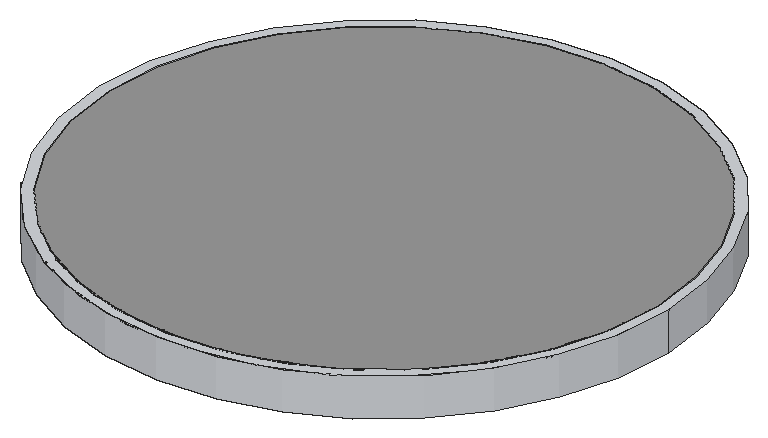
Revit family "2071250", category Lighting Fixtures, host Face, Revit 2018
Family settings
  Host = Face
  Round Connector Dimension = Use Diameter
  Part Type = Normal
  OmniClass Number = 23.80.70.00
  OmniClass Title = Lighting
  Cut with Voids When Loaded = No
  Light Source = Yes
  Shared = No
  Room Calculation Point = No
Parameters (values of type "2071250 COLOSSAL 900 940 OP DIR WHT DALI EM")
  iner diameter = 856 mm
  Weight = "n/a"
  Wattage Comments = ""
  Wattage = 30 W
  WarrantyStartDate [instance] = "n/a"
  WarrantyGuarantorParts = "n/a"
  WarrantyDurationUnit = "n/a"
  WarrantyDurationParts = ""
  WarrantyDescription = "http://www.sylvania-lighting.com"
  built-in parameter 1150110 = 1 (stored number, unit not read)
  Voltage = 230 V
  URL = "0.95"
  TypeName = "COLOSSAL 900mm 940 OPAL DIR WHITE DALI EM"
  Type Image = <None>
  Type Comments = "n/a"
  built-in parameter 1114217 = 1 (stored number, unit not read)
  Tilt Angle = -90.00°
  built-in parameter 1150109 = 1 (stored number, unit not read)
  built-in parameter 1150134 = (empty or 0)
  built-in parameter 1150113 = 1 (stored number, unit not read)
  SerialNumber [instance] = "n/a"
  Photometric Web File = "2071250.ies"
  Material_3_SYL = LED-Sylvania
  PowerFactor = 0
  PowerConsumption = "Lighting"
  NominalLength = 888 mm
  NominalHeight = 93 mm
  NominalDepth = 888 mm
  Name = "COLOSSAL 900mm 940 OPAL DIR WHITE DALI EM"
  ModelReference = Name  # "COLOSSAL 900mm 940 OPAL DIR WHITE DALI EM"
  ModelNumber = "2071250"
  Model = Name  # "COLOSSAL 900mm 940 OPAL DIR WHITE DALI EM"
  Material = "Feilo Sylvania"
  ManufacturerName = "118 lm/W"
  Manufacturer = ""
  LuminousEfficacy = ""
  built-in parameter 1150105 = 270.44 (stored number, unit not read)
  Lumens = 3398.4 lm
  LuminaireType = "0"
  built-in parameter 1150115 = 1 (stored number, unit not read)
  LightOutputRatio = "LED"
  built-in parameter 1150137 = (empty or 0)
  built-in parameter 1150139 = (empty or 0)
  LampsType = Lamp  # "n/a"
  LampNominalLuminous = "4000 K"
  LampMacAdamStep = "90"
  LampColourTemperature = "LED"
  LampColourRenderingIndex = "16500"
  built-in parameter 1150112 = 1 (stored number, unit not read)
  built-in parameter 1150114 = 1 (stored number, unit not read)
  Lamp = "n/a"
  Keynote = "n/a"
  InstallationDate [instance] = "n/a"
  InputVoltage = "0"
  InputNominalFrequency = "4000"
  built-in parameter 1150132 = (empty or 0)
  built-in parameter 1150102 = (empty or 0)
  built-in parameter 1150107 = 3000 (stored number, unit not read)
  built-in parameter 1150138 = (empty or 0)
  IngressProtection = "IfcLightFixtureType"
  ImpactProtectionIndex = "IfcLightFixtureType"
  built-in parameter 1150106 = 2.7044 (stored number, unit not read)
  IfcExportType = "IfcLightFixtureType"
  IfcExportAs = "Class I"
  Emit from Circle Diameter = 385 mm
  Emit Shape Visible in Rendering = no
  ElectricShockClassification = "118"
  built-in parameter 1150104 = 10.524 (stored number, unit not read)
  DocumentationLiterature = "http://www.sylvania-lighting.com/product/en-int/products/2071250"
  DimmingControlOptions = "n/a"
  Material_2_SYL = Polycarbonate_Sylvania_White
  Dimming Lamp Color Temperature Shift = <None>
  Description = "900mm diameter circular architectural luminaire, can be surface mounted or suspended. Powder coated aluminium housing (RAL9016) with polycarbonate opal diffuser. Direct light distribution, 9275lm luminuous flux, 78.5W system power, 118lm/W luminiaire efficacy. DALI dimmable. 3 hours integrated emergency. Colour rendering index Ra >90, 4000K Neutral White LED, chromaticity tolerance of 3-step MacAdam ellipse. IP40/IP20, IK03. 450mA drive current. Electrical protection Class1, 220-240V. Reported lifetime 66k hours L90B10."
  Default Elevation = 1219.2 mm
  CreatedOn = "23/03/2022"
  CreatedBy = "@sylvania-lighting.com"
  Cost = 0
  Color Filter = 16777215
  built-in parameter 1114216 [instance] = (empty or 0)
  ClassificationValue = "EF_70_80"
  ClassificationName = "Uniclass2015"
  Material_1_SYL = Polycarbonate_Sylvania_Opal
  BarCode [instance] = "n/a"
  built-in parameter 1114218 = 1 (stored number, unit not read)
  built-in parameter 1150133 = 10 (stored number, unit not read)
  AssetType = "Fixed"
  AssetIdentifier [instance] = "n/a"
  Assembly Code = "D5020200"
  Apparent Load = 78.5 VA
  Material_4_SYL = none
Reference planes
  plane 1 "Center (Front/Back)": y = 0
  plane 2: z = 0
  plane 3 "Center (Left/Right)": x = 0
  plane 4: z = 1.161
  plane 5: z = 16.161
  plane 6: x = -444
  plane 7: x = 444
  plane 8: y = 444
  plane 9: y = -444
  plane 10: y = 236
  plane 11: y = -236
  plane 12: x = 85
  plane 13: x = -85
  plane 14: through (0, 0, 1219.2) normal (0.5, 0.866, 0)
  plane 15: through (42.5, 73.612, 1219.2) normal (0.5, 0.866, 0)
  plane 16: through (-42.5, -73.612, 1219.2) normal (0.5, 0.866, 0)
  plane 17: through (0, 0, 1219.2) normal (0.5, -0.866, 0)
  plane 18: through (-42.5, 73.612, 1219.2) normal (0.5, -0.866, 0)
  plane 19: through (42.5, -73.612, 1219.2) normal (0.5, -0.866, 0)
  plane 20: z = 93
  plane 21: y = 428
  plane 22: y = -428
Forms (mm)
  Extrusion 1, solid, detail levels medium+fine
    sketch origin (0, 0, 0) x (0.866025, -0.5, 0) y (0.5, 0.866025, 0)
      loop
        circle (-50, 86.603) r 22
    from 0 to 2
  Extrusion 2, solid, detail levels medium+fine
    sketch origin (0, 0, 0) x (0.866025, -0.5, 0) y (0.5, 0.866025, 0)
      loop
        circle (100, 0) r 22
      loop
        circle (-50, -86.603) r 22
    from 0 to 2
  Blend 3, solid, detail levels medium+fine
    base sketch origin (0, 0, 0) x (1, 0, 0) y (0, 1, 0)
      loop
        line (-85, 236) -> (-246.882, -44.388) -> (-161.882, -191.612) -> (161.882, -191.612) -> (246.882, -44.388) -> (85, 236) -> (-85, 236)
    top sketch origin (0, 0, 0) x (1, 0, 0) y (0, 1, 0)
      loop
        line (-85, 283.076) -> (-287.651, -67.926) -> (-207.792, -218.119) -> (207.792, -218.119) -> (292.5, -71.401) -> (85, 283.076) -> (-85, 283.076)
    from 0 to 33.022
  Extrusion 4, solid, detail levels medium+fine
    sketch origin (0, 0, 0) x (1, 0, 0) y (0, 1, 0)
      loop
        circle (0, 0) r 444
    from 33.022 to 93
  Extrusion 5, void
    sketch origin (0, 0, 0) x (1, 0, 0) y (0, 1, 0)
      loop
        circle (0, 0) r 428
    from 96.588 to 37.292
  Extrusion 6, solid, material "Glass, White, High Luminance", detail levels fine
    sketch origin (0, 0, 0) x (1, 0, 0) y (0, 1, 0)
      loop
        circle (0, 0) r 428
    from 87.991 to 93
  Extrusion 7, solid, detail levels coarse
    sketch origin (0, 0, 0) x (1, 0, 0) y (0, 1, 0)
      loop
        line (-444, 444) -> (-444, -444) -> (444, -444) -> (444, 444) -> (-444, 444)
    from 0 to 93.648
Cuts and joins
  Extrusion 5 cuts Extrusion 1
  Extrusion 5 cuts Extrusion 2
  Extrusion 5 cuts Blend 3
  Extrusion 5 cuts Extrusion 4
Lines and regions (mm)
  model lines, detail levels medium+fine
    curve 1: circle (0, 0, 0) r 100 normal (0, 0, 1)
Dimensions and locks
  "NominalDepth": plane 8 to plane 9
  plane 8 to plane 1 "Center (Front/Back)" to plane 9 = 444 mm, 444 mm
  "NominalLength": plane 6 to plane 7
  equal spacing: plane 6, plane 3 "Center (Left/Right)", plane 7
  "NominalHeight": level to plane 20
  "iner diameter": plane 21 to plane 22
  equal spacing: plane 21, plane 1 "Center (Front/Back)", plane 22
  aligned and locked: plane 2 to host face
  aligned and locked: level to host face
Automatic sketch dimensions
  host sketch curve to host sketch curve = 2438.4 mm  (x2)
  Extrusion 1 sketch curve to plane 3 "Center (Left/Right)" = 0 mm
  Extrusion 1 sketch curve to plane 1 "Center (Front/Back)" = 100 mm
  plane 1 "Center (Front/Back)" to Extrusion 2 sketch curve = 50 mm
  Extrusion 2 sketch curve to plane 3 "Center (Left/Right)" = 86.603 mm
  Extrusion 2 sketch curve to Extrusion 2 sketch curve = 150 mm
  Extrusion 2 sketch curve to Extrusion 2 sketch curve = 86.603 mm
  plane 1 "Center (Front/Back)" to curve 1 = 0 mm
  curve 1 to plane 3 "Center (Left/Right)" = 0 mm
  plane 18 to Blend 3 sketch curve = 0 mm  (x2)
  plane 19 to Blend 3 sketch curve = 0 mm  (x2)
  Blend 3 sketch curve to plane 10 = 0 mm
  Blend 3 sketch curve to plane 13 = 0 mm  (x2)
  Blend 3 sketch curve to plane 12 = 0 mm  (x2)
  Blend 3 sketch curve to plane 16 = 0 mm  (x2)
  Blend 3 sketch curve to plane 15 = 0 mm
  plane 11 to Blend 3 sketch curve = 44.388 mm
  plane 1 "Center (Front/Back)" to Blend 3 sketch curve = 44.388 mm  (x2)
  plane 11 to Blend 3 sketch curve = 17.881 mm
  plane 1 "Center (Front/Back)" to Blend 3 sketch curve = 67.926 mm
  plane 1 "Center (Front/Back)" to Blend 3 sketch curve = 71.401 mm
  Blend 3 sketch curve to plane 7 = 151.5 mm
  plane 10 to Blend 3 sketch curve = 47.076 mm
  plane 1 "Center (Front/Back)" to Extrusion 4 sketch curve = 0 mm
  Extrusion 4 sketch curve to plane 3 "Center (Left/Right)" = 0 mm
  plane 1 "Center (Front/Back)" to Extrusion 5 sketch curve = 0 mm
  Extrusion 5 sketch curve to plane 3 "Center (Left/Right)" = 0 mm
  plane 1 "Center (Front/Back)" to Extrusion 6 sketch curve = 0 mm
  Extrusion 6 sketch curve to plane 3 "Center (Left/Right)" = 0 mm
  Extrusion 7 sketch curve to plane 6 = 0 mm
  Extrusion 7 sketch curve to plane 7 = 0 mm
  Extrusion 7 sketch curve to plane 9 = 0 mm
  Extrusion 7 sketch curve to plane 8 = 0 mm
  radius of Extrusion 1 sketch curve = 22 mm
  radius of Extrusion 2 sketch curve = 22 mm  (x2)
  radius of curve 1 = 100 mm
  radius of Extrusion 4 sketch curve = 444 mm
  radius of Extrusion 5 sketch curve = 428 mm
  radius of Extrusion 6 sketch curve = 428 mm
Connectors
  electrical at (0, 0, 0), driven by "Apparent Load", driven by "PowerFactor", driven by "Voltage"
    settings: index 1, voltage 230 V, apparent load 78.5 VA, apparent load phase1 0 VA, apparent load phase2 0 VA, apparent load phase3 0 VA, power factor 0, load classification "Lighting", number of poles 1, system type 30, power factor state 1, is connector primary yes, connector utility no, sub classification motor no, connector description ""
